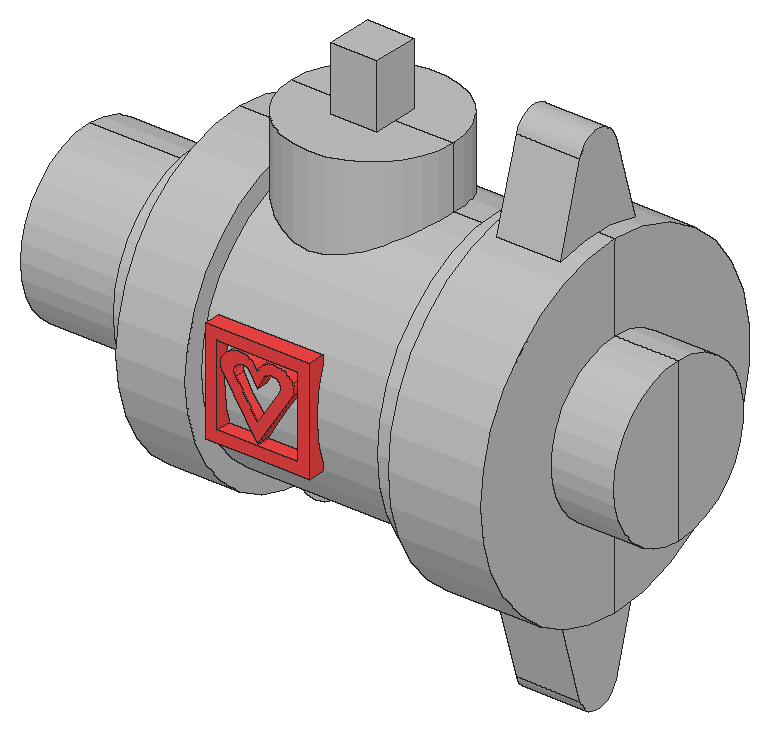
Revit family "Boiler filling and draining valve 2512 11", category Rohrzubehör, Revit 2020
Family settings
  Bemaßung runder Anschluss = Durchmesser verwenden
  Teiletyp = Normal
  OmniClass-Nummer = 23.65.55.14
  OmniClass-Titel = Valves for Liquid Services
  Arbeitsebenenbasiert = Nein
  Immer vertikal = Ja
  Beim Laden mit Abzugskörper schneiden = Nein
  Gemeinsam genutzt = Nein
Parameters
  min. Operating temperature = -30 °C  # constant formula
  max. Operating temperature = 110 °C  # constant formula
  max. Operating pressure = 1000000.0 Pa  # constant formula
  Vorgabe-Ansicht = 0.000 mm
  URL = "www.herzvalves.com"
  Spindle = "brass CW614N "  # constant formula
  SCTWSEQ = "ENT;AO;1"
  SCTWCODE = "01;10;01"  # constant formula
  SCRNSEQ = "ARM;ARM_TYP=\"ABSV\";1"
  SCRNCODE = "05;08;01"  # constant formula
  S04 = 45.000 mm  # constant formula
  S03 = 16.000 mm  # constant formula
  S02 = L00 - L01  # 24.500 mm
  S01 = L00 + (L09 - L05)  # 51.000 mm
  R99 = 2.000 mm  # constant formula
  R01 = 7.000 mm  # constant formula
  Part number [instance] = if(Nennweite = 15.000 mm, 1251211, 0)  # 1251211
  Nennweite [instance] = 15.000 mm  # constant formula
  Medium = "heating water according ÖNORM H5195 or VDI-Standard 2035.\r\nthe use of ethylene, or propylene glycol in a mixing ratio 25-50% is allowed."
  L10 = L01 - L05 + 1.000 mm  # 14.000 mm
  L09 = 13.500 mm  # constant formula
  L08 = 8.000 mm  # constant formula
  L07 = 4.000 mm  # constant formula
  L06 = 19.000 mm  # constant formula
  L05 = 6.500 mm  # constant formula
  L04 = 9.500 mm  # constant formula
  L03 = 8.500 mm  # constant formula
  L02 = 13.000 mm  # constant formula
  L01 = 19.500 mm  # constant formula
  L00 = 44.000 mm  # constant formula
  Ball = "forged brass CW617N, full bore, surface chrome plated"  # constant formula
  Hersteller = "Herz-Armaturen GmbH"  # constant formula
  H00 = 17.000 mm  # constant formula
  Body = "forged brass CW617N "  # constant formula
  G02 = 13.200 mm  # constant formula
  G01 [instance] = Nennweite / 2  # 7.500 mm
  Sealings = "ball: PTFE; spindle: PTFE "  # constant formula
  D08 = 7.000 mm  # constant formula
  D07 = 14.500 mm  # constant formula
  D06 = 12.100 mm  # constant formula
  D05 = 13.400 mm  # constant formula
  D04 = 11.100 mm  # constant formula
  D03 = 11.700 mm  # constant formula
  D02 = 9.300 mm  # constant formula
  D01 [instance] = G01 - 1.500 mm  # 6.000 mm
  Application = "the drain valves are installed as valves to fill and drain systems.\r\nfields of application are building services, such as in heating or chilled water plant in buildings.\r\naromatic chlorinated hydrocarbons such as natural gas or petroleum occurring in, destroy the EPDM seals."
Reference planes
  plane 1 "Mitte (Vorne/hinten)": y = 0
  plane 2: z = 0
  plane 3 "Mitte (Links/rechts)": x = 0
Forms (mm)
  Revolve 1, solid, material "Messing vernickelt", detail levels fine
    sketch origin (0, 0, 0) x (1, 0, 0) y (0, 0, 1)
      loop
        line (-18, 0) -> (13, 0) -> (13, 11.1) -> (19.5, 11.1) -> (19.5, 13.2) -> (11, 13.2) -> (11, 11.7) -> (-5.5, 11.7) -> (-5.5, 13.4) -> (-11.5, 13.4) -> (-11.5, 9.3) -> (-15, 9.3) -> (-15, 7.5) -> (-24.5, 7.5) -> (-24.5, 6) -> (-18, 6) -> (-18, 0)
      axis (-24.5, 0) -> (19.5, 0)
    angle from 0 to 360
  Extrusion 2, solid, material "Messing vernickelt", detail levels fine
    sketch origin (0, 0, 0) x (1, 0, 0) y (0, 0, 1)
      loop
        line (-2, -12.1) -> (-2, -11.3) -> (-5.52, -11.3) -> (-5.52, -13.4)
        arc (-5.52, -13.4) -> (-3.307, -13.976) -> (-2, -12.1) r 2
    from 1 to -1
  Revolve 3, solid, material "Messing vernickelt", detail levels fine
    sketch origin (0, 0, 0) x (1, 0, 0) y (0, 0, 1)
      loop
        line (0, 0) -> (0, 17) -> (-7, 17) -> (-7, 0) -> (0, 0)
      axis (0, 17) -> (0, 0)
    angle from 0 to 360
  Extrusion 4, solid, material "Messing vernickelt", detail levels fine
    sketch origin (0, 0, 0) x (1, 0, 0) y (0, 1, 0)
      loop
        line (-2, 2) -> (-2, -2) -> (2, -2) -> (2, 2) -> (-2, 2)
    from 17 to 22.5
  Revolve 5, solid, material "Messing vernickelt", detail levels fine
    sketch origin (0, 0, 0) x (1, 0, 0) y (0, 0, 1)
      loop
        line (13, 14.5) -> (13, 13.2) -> (19.5, 13.2) -> (19.5, 0) -> (26.5, 0) -> (26.5, 7) -> (21, 7) -> (21, 14.5) -> (13, 14.5)
      axis (13, 0) -> (26.5, 0)
    angle from 0 to 360
  Extrusion 6, solid, material "Messing vernickelt", detail levels fine
    sketch origin (0, 0, 0) x (0, 1, 0) y (0, 0, 1)
      loop
        line (4, 13.937) -> (1.92, 21.061)
        arc (1.92, 21.061) -> (0, 22.5) -> (-1.92, 21.061) r 2
        line (-1.92, 21.061) -> (-4, 13.937)
        arc (-4, 13.937) -> (0, 14.5) -> (4, 13.937) r 14.5
      loop
        arc (4, -13.937) -> (0, -14.5) -> (-4, -13.937) r 14.5
        line (-4, -13.937) -> (-1.92, -21.061)
        arc (-1.92, -21.061) -> (0, -22.5) -> (1.92, -21.061) r 2
        line (1.92, -21.061) -> (4, -13.937)
    from 14 to 19.5
Lines and regions (mm)
  model lines, detail levels coarse+medium
    curve 1: line (-24.5, 0, 0) -> (26.5, 0, 0)
    curve 2: line (16, 0, 22.5) -> (16, 0, -22.5)
    curve 3: line (16, -22.5, 0) -> (16, 22.5, 0)
Dimensions and locks
  "L00": Revolve 1 sketch curve to Revolve 1 sketch curve
  "L03": Revolve 1 sketch curve to Revolve 1 sketch curve
  "L05": Revolve 1 sketch curve to Revolve 1 sketch curve  (x2)
  "L01": Revolve 1 sketch curve to plane 3 "Mitte (Links/rechts)"
  "L04": Revolve 1 sketch curve to Revolve 1 sketch curve
  "L02": Revolve 1 sketch curve to Revolve 1 sketch curve
  "D01": Revolve 1 sketch curve to plane 2
  "G01": Revolve 1 sketch curve to plane 2
  "D04": Revolve 1 sketch curve to plane 2
  "D02": Revolve 1 sketch curve to plane 2
  "G02": Revolve 1 sketch curve to plane 2
  "D03": Revolve 1 sketch curve to plane 2
  "D05": Revolve 1 sketch curve to plane 2
  "L06": Revolve 1 sketch curve to Revolve 1 sketch curve
  "L07": plane 3 "Mitte (Links/rechts)" to Extrusion 2 sketch curve
  "D06": plane 2 to Extrusion 2 sketch curve
  "R01": plane 3 "Mitte (Links/rechts)" to Revolve 3 sketch curve
  "H00": Revolve 3 sketch curve to plane 2
  "G02": Revolve 5 sketch curve to plane 2
  "D07": Revolve 5 sketch curve to plane 2
  "L01": plane 3 "Mitte (Links/rechts)" to Revolve 5 sketch curve
  "L05": Revolve 5 sketch curve to Revolve 1
  "L08": Revolve 5 sketch curve to Revolve 5 sketch curve
  "D08": Revolve 5 sketch curve to plane 2
  "L09": Revolve 5 sketch curve to Revolve 5 sketch curve
  "L10": plane 3 "Mitte (Links/rechts)" to Extrusion 6
  "S01": curve 1 to curve 1
  "S03": plane 3 "Mitte (Links/rechts)" to curve 2
  "S02": plane 3 "Mitte (Links/rechts)" to curve 1
  equal spacing: curve 2, plane 2, curve 2
  "S04": curve 2 to curve 2
  "S04": curve 3 to curve 3
  equal spacing: curve 3, plane 1 "Mitte (Vorne/hinten)", curve 3
  "S03": plane 3 "Mitte (Links/rechts)" to curve 3
  "D03": nested 1 to plane 1 "Mitte (Vorne/hinten)"
  "R99": radius of Extrusion 2 sketch curve
  aligned and locked: level to plane 2
Automatic sketch dimensions
  plane 1 "Mitte (Vorne/hinten)" to Extrusion 4 sketch curve = 2.000 mm
  plane 3 "Mitte (Links/rechts)" to Extrusion 4 sketch curve = 2.000 mm
  Extrusion 4 sketch curve to plane 1 "Mitte (Vorne/hinten)" = 2.000 mm
  Extrusion 4 sketch curve to plane 3 "Mitte (Links/rechts)" = 2.000 mm
  Extrusion 6 sketch curve to Extrusion 6 sketch curve = 0.000 mm  (x2)
  Extrusion 6 sketch curve to plane 1 "Mitte (Vorne/hinten)" = 0.000 mm  (x3)
  Extrusion 6 sketch curve to level = 0.000 mm
  plane 1 "Mitte (Vorne/hinten)" to Extrusion 6 sketch curve = 1.920 mm  (x2)
  plane 1 "Mitte (Vorne/hinten)" to Extrusion 6 sketch curve = 4.000 mm  (x2)
  Extrusion 6 sketch curve to plane 1 "Mitte (Vorne/hinten)" = 1.920 mm  (x2)
  Extrusion 6 sketch curve to plane 1 "Mitte (Vorne/hinten)" = 4.000 mm  (x2)
  Extrusion 6 sketch curve to level = 13.937 mm
  Extrusion 6 sketch curve to Extrusion 6 sketch curve = 6.563 mm  (x2)
  Extrusion 6 sketch curve to Extrusion 6 sketch curve = 0.561 mm  (x2)
  level to Extrusion 6 sketch curve = 13.937 mm
  curve 1 to level = 0.000 mm
  Revolve 1 sketch curve to level = 0.000 mm  (x2)
  Revolve 1 sketch curve to Revolve 1 sketch curve = 1482.030 mm
  Revolve 1 sketch curve to Revolve 1 sketch curve = 1819.648 mm
  Extrusion 2 sketch curve to Extrusion 2 sketch curve = 1.520 mm
  Extrusion 2 sketch curve to Extrusion 2 sketch curve = 0.800 mm
  Revolve 3 sketch curve to level = 0.000 mm
  Revolve 3 sketch curve to plane 3 "Mitte (Links/rechts)" = 0.000 mm  (x2)
  Revolve 3 sketch curve to level = 366.045 mm
  Revolve 3 sketch curve to Revolve 3 sketch curve = 2197.315 mm
  Revolve 5 sketch curve to level = 0.000 mm  (x2)
  Revolve 5 sketch curve to plane 3 "Mitte (Links/rechts)" = 1506.530 mm
  Revolve 5 sketch curve to Revolve 5 sketch curve = 1812.648 mm
Nested families
  nested 1: "Herz-Logo-vorne" at (0, -11.7, 0) x (0, 1, 0) z (0, 0, 1), type "Herz-Logo-vorne"
Connectors
  piping at (-24.5, 0, 0), diameter 15, driven by "Nennweite"
    settings: on Revolve 1, index 1, connector inside diameter 609.6 mm, connector length 0.000 mm, flow factor 0, pipe flow 0.0 L/s, pressure drop 0.0 Pa, fitting loss kfactor 0, connector angle 0.00°, fixture units 0, engagement length 0.000 mm, angle of deflection 0.00°, flow configuration 0, flow direction 0, fitting loss method 0, system type 29, joint type 0, gender type 0, connector reference index -1, connector utility 0, adjustable connector no, is connector primary yes, connector description ""
Definition of nested family "Herz-Logo-vorne"
  Parameters (values of type "Herz-Logo-vorne")
    Default Elevation = 0.000 mm
  Reference planes
    plane 1 "Mitte (Vorne/hinten)": y = 0
    plane 2: z = 0
    plane 3 "Mitte (Links/rechts)": x = 0
  Forms (mm)
    Extrusion 1, solid
      sketch origin (0.732, -0.018, 0.017) x (0, -1, 0) y (0, 0, 1)
        loop
          line (-0.018, -4.517) -> (4.482, -4.517) -> (4.482, 4.483) -> (-4.518, 4.483) -> (-4.518, -4.517) -> (-0.018, -4.517)
        loop
          line (-0.05, -3.48) -> (3.482, -3.48) -> (3.482, 3.483) -> (-3.518, 3.483) -> (-3.518, -3.48) -> (-0.05, -3.48)
        loop
          arc (-0.018, 2.383) -> (-1.543, 3.287) -> (-3.067, 2.383) r 1.738
          arc (-3.067, 2.383) -> (-3.191, 1.899) -> (-3.067, 1.415) r 1.009
          line (-3.067, 1.415) -> (-0.018, -3.281) -> (3.032, 1.415)
          arc (3.032, 1.415) -> (3.156, 1.899) -> (3.032, 2.383) r 1.009
          arc (3.032, 2.383) -> (1.507, 3.287) -> (-0.018, 2.383) r 1.738
        loop
          arc (1.885, 1.272) -> (2.005, 1.675) -> (1.885, 2.079) r 0.74
          arc (1.885, 2.079) -> (1.265, 2.416) -> (0.644, 2.079) r 0.74
          line (0.644, 2.079) -> (-0.018, 0.97) -> (-0.679, 2.079)
          arc (-0.679, 2.079) -> (-1.3, 2.416) -> (-1.921, 2.079) r 0.74
          arc (-1.921, 2.079) -> (-2.04, 1.675) -> (-1.921, 1.272) r 0.74
          line (-1.921, 1.272) -> (-0.018, -1.658) -> (1.885, 1.272)
      from 0 to 1.5
  Dimensions and locks
    aligned and locked: level to plane 2
